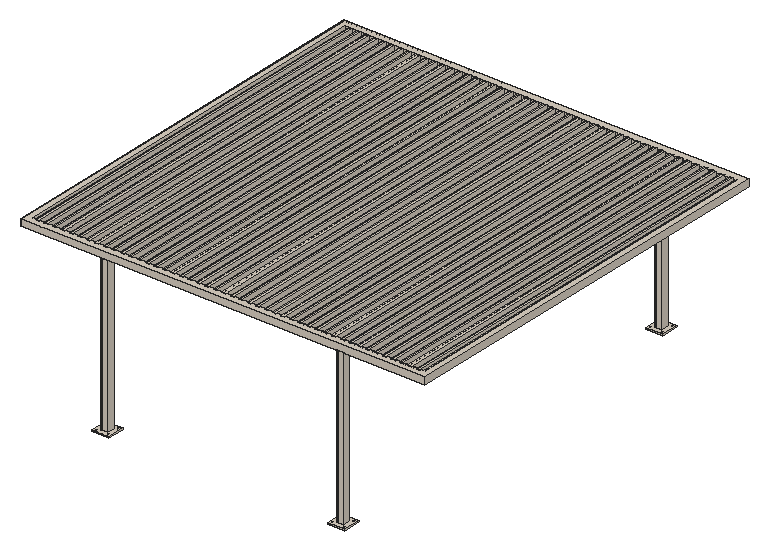
Revit family "Sun-Shades_SOL_PalmSHIELD", category Generic Models, Revit 2021 (continued)
Definition of nested family "Trellis"
  Definition of nested family "Vertical Purlin"
    Forms (in)
      Extrusion 1, solid, material <- "Materials"
        sketch origin (0, 0, 0) x (1, 0, 0) y (0, 1, 0)
          loop
            line (-1.5, 1) -> (-1.5, -1) -> (1.5, -1) -> (1.5, 1) -> (-1.5, 1)
        from 0 to 71.88692
    Dimensions and locks (in)
      equal spacing: plane 6, plane 1 "Center (Front/Back)", plane 7
      equal spacing: plane 4, plane 3 "Center (Left/Right)", plane 5
      locked: plane 4 to plane 8 at 0.125
      locked: plane 9 to plane 5 at 0.125
      locked: plane 11 to plane 7 at 0.125
      locked: plane 6 to plane 10 at 0.125
      "Height": plane 12 to level
      "Purlins Width": plane 6 to plane 7
      "Purlins Height": plane 4 to plane 5
      aligned and locked: plane 2 to level
      aligned and locked: Extrusion 1 sketch curve to plane 10
      aligned and locked: Extrusion 1 sketch curve to plane 6
      aligned and locked: Extrusion 1 sketch curve to plane 8
      aligned and locked: Extrusion 1 sketch curve to plane 4
      aligned and locked: plane 9 to Extrusion 1 sketch curve
      aligned and locked: Extrusion 1 sketch curve to plane 5
      aligned and locked: Extrusion 1 sketch curve to plane 11
      aligned and locked: Extrusion 1 sketch curve to plane 7
      aligned and locked: plane 12 to Extrusion 1
Types (15): name | Purlin Length | Finish | Purlin Width | Purlin Height | Material | Center to Center
  (no name) | 14' - 4" | "PalmSHIELD - Aluminum" | 0' - 2" | 0' - 4" | PalmSHIELD - Alloy | 0' - 5"
  ALUMINUM PURLINS 1" x 3" | 14' - 4" | "PalmSHIELD - Aluminum" | 0' - 1" | 0' - 3" | PalmSHIELD - Gray | 0' - 4"
  ALUMINUM PURLINS 1" x 4" | 14' - 4" | "PalmSHIELD - Aluminum" | 0' - 1" | 0' - 4" | PalmSHIELD - Black | 0' - 4"
  ALUMINUM PURLINS 2" x 2" | 10' - 0" | "PalmSHIELD - Aluminum" | 0' - 2" | 0' - 2" | PalmSHIELD - Alloy | 0' - 5"
  ALUMINUM PURLINS 2" x 3" | 14' - 4" | "PalmSHIELD - Aluminum" | 0' - 2" | 0' - 3" | PalmSHIELD - Alloy | 0' - 5"
  ALUMINUM PURLINS 3" x 3" | 14' - 4" | "PalmSHIELD - Aluminum" | 0' - 3" | 0' - 3" | PalmSHIELD - Alloy | 0' - 6"
  ALUMINUM PURLINS 2" x 4" | 14' - 4" | "PalmSHIELD - Aluminum" | 0' - 2" | 0' - 4" | PalmSHIELD - Alloy | 0' - 5"
  ALUMINUM PURLINS 2" x 5" | 14' - 4" | "PalmSHIELD - Aluminum" | 0' - 2" | 0' - 5" | PalmSHIELD - Black | 0' - 5"
  ALUMINUM PURLINS 2" x 6" | 14' - 4" | "PalmSHIELD - Aluminum" | 0' - 2" | 0' - 6" | PalmSHIELD - Alloy | 0' - 5"
  Wood Finished 2" x 4" | 14' - 4" | "PalmSHIELD - Wood" | 0' - 2" | 0' - 4" | PalmSHIELD - Alloy | 0' - 5"
  Wood Finished 2" x 6" | 14' - 4" | "PalmSHIELD - Wood" | 0' - 2" | 0' - 6" | PalmSHIELD - Alloy | 0' - 5"
  Wood Finished 2" x 8" | 14' - 4" | "PalmSHIELD - Wood" | 0' - 2" | 0' - 8" | PalmSHIELD - Alloy | 0' - 5"
  Wood Finished 2" x 10" | 14' - 4" | "PalmSHIELD - Wood" | 0' - 2" | 0' - 10" | PalmSHIELD - Alloy | 0' - 5"
  Wood Finished 4" x 4" | 14' - 4" | "PalmSHIELD - Wood" | 0' - 4" | 0' - 4" | PalmSHIELD - Alloy | 0' - 7"
  ALUMINUM PURLINS 2" x 8" | 14' - 4" | "PalmSHIELD - Aluminum" | 0' - 2" | 0' - 8" | PalmSHIELD - Alloy | 0' - 5"
